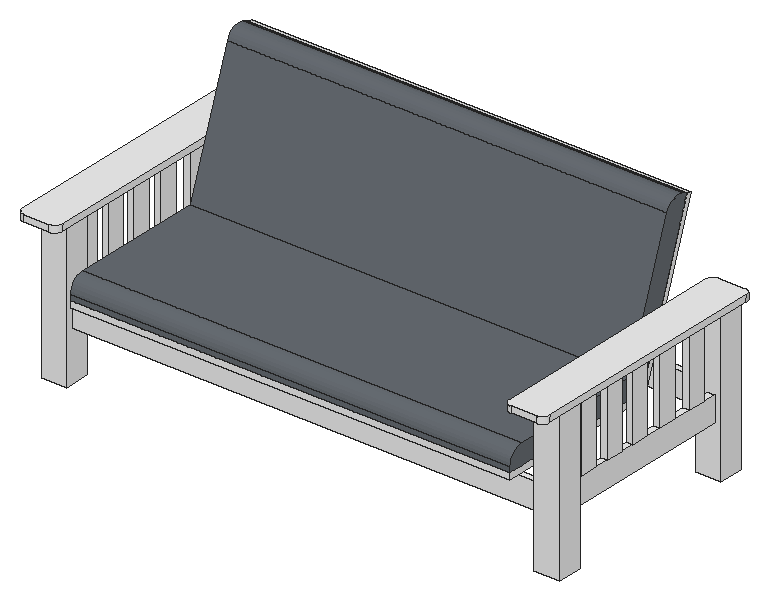
Revit family "Charlene_Sleeper_Couch_17259", category Комплекты мебели, Revit 2017
Family settings
  Размер круглого соединителя = Использовать диаметр
  Тип детали = Нормальный
  На основе рабочей плоскости = Нет
  Всегда вертикально = Да
  При загрузке вырезать с полостями = Нет
  Общий = Нет
  Точка расчета площади = Нет
Parameters (values of type "Couch")
  Width = 900 mm
  Seat Position = 150 mm
  Fabric = Swade - Ocean Blue Stripes
  Back Angle = 110.00°
  Material = Finishes - Paint - White
  Length = 2050 mm
  Height = 870 mm
Types (3, lengths in mm): name | Seat Position | Back Angle | Length
  Sleeper | 0 | 179.00° | 2050
  Couch | 150 | 110.00° | 2050
  Chair | 150 | 110.00° | 1000
Reference planes
  plane 1 "Center (Front/Back)": y = 0
  plane 2: z = 0
  plane 3 "Center (Left/Right)": x = 0
  plane 4: x = -1025
  plane 5: x = 1025
  plane 6: y = 450
  plane 7: y = -450
  plane 8: x = -925
  plane 9: x = 925
  plane 10: y = 350
  plane 11: y = -350
  plane 12: z = 870
  plane 13: z = 600
  plane 14 "Seat": z = 350
  plane 15 "Skirt": z = 200
  plane 16 "Supp LH": x = -975
  plane 17 "Supp Frt": y = -400
  plane 18 "Supp RR": y = 400
  plane 19: y = 150
  plane 20 "Seat Level": z = 350
  plane 21: x = -870.271
  plane 22: x = 870.271
  plane 23: x = 975
Forms (mm)
  Extrusion 1, solid, material "Finishes - Paint - White" <- "Material"
    sketch origin (0, 0, 0) x (1, 0, 0) y (0, 1, 0)
      loop
        line (-1025, 450) -> (-1025, 350) -> (-925, 350) -> (-925, 450) -> (-1025, 450)
      loop
        line (-1025, -350) -> (-1025, -450) -> (-925, -450) -> (-925, -350) -> (-1025, -350)
      loop
        line (925, 450) -> (925, 350) -> (1025, 350) -> (1025, 450) -> (925, 450)
      loop
        line (925, -350) -> (925, -450) -> (1025, -450) -> (1025, -350) -> (925, -350)
    from 0 to 600
  Extrusion 2, solid, material "Finishes - Paint - White" <- "Material"
    sketch origin (0, 626.256, 600) x (0, 1, 0) y (-1, 0, 0)
      loop
        arc (-146.256, 1015) -> (-155.043, 1036.213) -> (-176.256, 1045) r 30
        line (-176.256, 1045) -> (-1146.256, 1045)
        arc (-1146.256, 1045) -> (-1167.47, 1036.213) -> (-1176.256, 1015) r 30
        line (-1176.256, 1015) -> (-1176.256, 915)
        arc (-1176.256, 915) -> (-1167.47, 893.787) -> (-1146.256, 885) r 30
        line (-1146.256, 885) -> (-176.256, 885)
        arc (-176.256, 885) -> (-155.043, 893.787) -> (-146.256, 915) r 30
        line (-146.256, 915) -> (-146.256, 1015)
      loop
        line (-146.256, -1015) -> (-146.256, -915)
        arc (-146.256, -915) -> (-155.043, -893.787) -> (-176.256, -885) r 30
        line (-176.256, -885) -> (-1146.256, -885)
        arc (-1146.256, -885) -> (-1167.47, -893.787) -> (-1176.256, -915) r 30
        line (-1176.256, -915) -> (-1176.256, -1015)
        arc (-1176.256, -1015) -> (-1167.47, -1036.213) -> (-1146.256, -1045) r 30
        line (-1146.256, -1045) -> (-176.256, -1045)
        arc (-176.256, -1045) -> (-155.043, -1036.213) -> (-146.256, -1015) r 30
    from 0 to 25
  Extrusion 3, solid, material "Finishes - Paint - White" <- "Material"
    sketch origin (0, 0, 200) x (0, 1, 0) y (-1, 0, 0)
      loop
        line (350, 975) -> (350, 1000) -> (-350, 1000) -> (-350, 975) -> (350, 975)
      loop
        line (400, 925) -> (400, -925) -> (425, -925) -> (425, 925) -> (400, 925)
      loop
        line (-400, 925) -> (-425, 925) -> (-425, -925) -> (-400, -925) -> (-400, 925)
      loop
        line (350, -975) -> (-350, -975) -> (-350, -1000) -> (350, -1000) -> (350, -975)
    from 0 to 100
  Extrusion 4, solid, material "Finishes - Paint - White" <- "Material"
    sketch origin (0, 150, 350) x (0, 0.34202, 0.939693) y (0, -0.939693, 0.34202)
      loop
        line (0, 0) -> (0, -25) -> (650, -25) -> (650, 0) -> (0, 0)
    from -870.271 to 870.271
  Extrusion 5, solid, material "Finishes - Paint - White" <- "Material"
    sketch origin (0, 150, 350) x (0, -1, 0) y (0, 0, -1)
      loop
        line (0, 0) -> (650, 0) -> (650, 25) -> (0, 25) -> (0, 0)
    from -870.271 to 870.271
  Extrusion 6, solid, material "Finishes - Paint - White" <- "Material"
    sketch origin (-475, 350, 200) x (0, -1, 0) y (0, 0, 1)
      loop
        line (657.689, 100) -> (657.689, 400) -> (586.876, 400) -> (586.876, 100) -> (657.689, 100)
    from 500 to 525
  Extrusion 7, solid, material "Finishes - Paint - White" <- "Material"
    sketch origin (-475, 477.689, 200) x (0, -1, 0) y (0, 0, 1)
      loop
        line (657.689, 100) -> (657.689, 400) -> (586.876, 400) -> (586.876, 100) -> (657.689, 100)
    from 500 to 525
  Extrusion 8, solid, material "Finishes - Paint - White" <- "Material"
    sketch origin (-1000, 602.689, 200) x (0, -1, 0) y (0, 0, 1)
      loop
        line (657.689, 100) -> (657.689, 400) -> (586.876, 400) -> (586.876, 100) -> (657.689, 100)
    from -25 to 0
  Extrusion 9, solid, material "Finishes - Paint - White" <- "Material"
    sketch origin (-475, 737.689, 200) x (0, -1, 0) y (0, 0, 1)
      loop
        line (657.689, 100) -> (657.689, 400) -> (586.876, 400) -> (586.876, 100) -> (657.689, 100)
    from 500 to 525
  Extrusion 10, solid, material "Finishes - Paint - White" <- "Material"
    sketch origin (-475, 882.689, 200) x (0, -1, 0) y (0, 0, 1)
      loop
        line (657.689, 100) -> (657.689, 400) -> (586.876, 400) -> (586.876, 100) -> (657.689, 100)
    from 500 to 525
  Extrusion 11, solid, material "Finishes - Paint - White" <- "Material"
    sketch origin (1000, 350, 200) x (0, -1, 0) y (0, 0, -1)
      loop
        line (657.689, -100) -> (586.876, -100) -> (586.876, -400) -> (657.689, -400) -> (657.689, -100)
    from -25 to 0
  Extrusion 12, solid, material "Finishes - Paint - White" <- "Material"
    sketch origin (1000, 477.689, 200) x (0, -1, 0) y (0, 0, -1)
      loop
        line (657.689, -100) -> (586.876, -100) -> (586.876, -400) -> (657.689, -400) -> (657.689, -100)
    from -25 to 0
  Extrusion 13, solid, material "Finishes - Paint - White" <- "Material"
    sketch origin (1000, 602.689, 200) x (0, -1, 0) y (0, 0, -1)
      loop
        line (657.689, -100) -> (586.876, -100) -> (586.876, -400) -> (657.689, -400) -> (657.689, -100)
    from -25 to 0
  Extrusion 14, solid, material "Finishes - Paint - White" <- "Material"
    sketch origin (1000, 737.689, 200) x (0, -1, 0) y (0, 0, -1)
      loop
        line (657.689, -100) -> (586.876, -100) -> (586.876, -400) -> (657.689, -400) -> (657.689, -100)
    from -25 to 0
  Extrusion 15, solid, material "Finishes - Paint - White" <- "Material"
    sketch origin (1000, 882.689, 200) x (0, -1, 0) y (0, 0, -1)
      loop
        line (657.689, -100) -> (586.876, -100) -> (586.876, -400) -> (657.689, -400) -> (657.689, -100)
    from -25 to 0
  Extrusion 16, solid, material "Swade - Ocean Blue Stripes" <- "Fabric"
    sketch origin (0, 150, 350) x (0, -1, 0) y (0, 0, -1)
      loop
        line (650, 0) -> (0, 0) -> (0, -80) -> (590, -80)
        arc (590, -80) -> (632.426, -62.426) -> (650, -20) r 60
        line (650, -20) -> (650, 0)
    from -870.271 to 870.271
  Extrusion 17, solid, material "Swade - Ocean Blue Stripes" <- "Fabric"
    sketch origin (0, 150, 350) x (0, 0.34202, 0.939693) y (0, -0.939693, 0.34202)
      loop
        line (650, 0) -> (650, 20)
        arc (650, 20) -> (632.426, 62.426) -> (590, 80) r 60
        line (590, 80) -> (0, 80) -> (0, 0) -> (650, 0)
    from -870.271 to 870.271
Lines and regions (mm)
  reference lines
    curve 1: line (0, 150, 350) -> (0, 348.372, 895.022)
    curve 2: line (0, 150, 350) -> (0, -430, 350)
  symbolic lines
    curve 3: line (-870.271, 74.825, 0) -> (870.271, 74.825, 0)
Dimensions and locks
  "Length": plane 4 to plane 5
  equal spacing: plane 4, plane 3 "Center (Left/Right)", plane 5
  "Width": plane 6 to plane 7
  equal spacing: plane 6, plane 1 "Center (Front/Back)", plane 7
  locked: plane 4 to plane 8 at 100
  locked: plane 9 to plane 5 at 100
  locked: plane 6 to plane 10 at 100
  locked: plane 11 to plane 7 at 100
  "Height": plane 12 to level
  locked: plane 6 to Extrusion 2 sketch curve at 30
  locked: plane 7 to Extrusion 2 sketch curve at 100
  locked: Extrusion 2 sketch curve to plane 4 at 20
  locked: plane 8 to Extrusion 2 sketch curve at 40
  equal spacing: plane 6, plane 18 "Supp RR", plane 10
  equal spacing: plane 11, plane 17 "Supp Frt", plane 7
  equal spacing: plane 4, plane 16 "Supp LH", plane 8
  locked: Extrusion 3 sketch curve to plane 18 "Supp RR" at 25
  locked: Extrusion 3 sketch curve to plane 16 "Supp LH" at 25
  "Seat Position": plane 19 to plane 1 "Center (Front/Back)"
  locked: plane 20 "Seat Level" to plane 15 "Skirt" at 150
  locked: plane 2 to plane 15 "Skirt" at 200
  locked: plane 22 to plane 5 at 154.729
  locked: plane 4 to plane 21 at 154.729
  plane 20 "Seat Level" to Extrusion 5 sketch curve = 25 mm
  equal spacing: plane 9, plane 23, plane 5
  locked: plane 23 to Extrusion 3 sketch curve at 25
  Extrusion 10 to Extrusion 10 to Extrusion 9 to Extrusion 9 to Extrusion 8 to Extrusion 8 to Extrusion 7 to Extrusion 7 to Extrusion 6 to Extrusion 6 to plane 11 = 70.813 mm locked, 74.187 mm locked, 70.813 mm locked, 64.187 mm locked, 70.813 mm locked, 54.187 mm locked, 70.813 mm locked, 56.876 mm locked, 70.813 mm locked, 42.311 mm locked
  plane 11 to Extrusion 11 to Extrusion 11 to Extrusion 12 to Extrusion 12 to Extrusion 13 to Extrusion 13 to Extrusion 14 to Extrusion 14 to Extrusion 15 to Extrusion 15 = 42.311 mm locked, 70.813 mm locked, 56.876 mm locked, 70.813 mm locked, 54.187 mm locked, 70.813 mm locked, 64.187 mm locked, 70.813 mm locked, 74.187 mm locked, 70.813 mm locked
  locked: Extrusion 17 sketch curve to curve 1 at 80
  locked: Extrusion 16 sketch curve to Extrusion 16 sketch curve at 80
  locked: Extrusion 4 sketch curve to Extrusion 4 sketch curve at 650
  aligned and locked: level to plane 2
  aligned and locked: Extrusion 1 sketch curve to plane 6  (x2)
  aligned and locked: plane 4 to Extrusion 1 sketch curve  (x2)
  aligned and locked: plane 10 to Extrusion 1 sketch curve  (x2)
  aligned and locked: Extrusion 1 sketch curve to plane 8  (x2)
  aligned and locked: Extrusion 1 sketch curve to plane 11  (x2)
  aligned and locked: plane 7 to Extrusion 1 sketch curve  (x2)
  aligned and locked: plane 9 to Extrusion 1 sketch curve  (x2)
  aligned and locked: Extrusion 1 sketch curve to plane 5  (x2)
  aligned and locked: plane 13 to Extrusion 1
  aligned and locked: plane 10 to Extrusion 3 sketch curve
  aligned and locked: Extrusion 3 sketch curve to plane 16 "Supp LH"
  aligned and locked: Extrusion 3 sketch curve to plane 11
  aligned and locked: Extrusion 3 sketch curve to plane 18 "Supp RR"
  aligned and locked: Extrusion 3 sketch curve to plane 8
  aligned and locked: plane 9 to Extrusion 3 sketch curve
  aligned and locked: plane 19 to curve 1
  aligned and locked: Extrusion 4 sketch curve to curve 1
  aligned and locked: Extrusion 4 to plane 22
  aligned and locked: Extrusion 4 to plane 21
  aligned and locked: Extrusion 5 to Extrusion 4
  aligned and locked: Extrusion 4 to Extrusion 5
  aligned and locked: plane 23 to Extrusion 3 sketch curve
  aligned and locked: Extrusion 6 sketch curve to plane 13
  aligned and locked: Extrusion 7 to Extrusion 6
  aligned and locked: Extrusion 6 to Extrusion 7
  aligned and locked: Extrusion 7 to Extrusion 8
  aligned and locked: Extrusion 8 to Extrusion 7
  aligned and locked: Extrusion 8 to Extrusion 9
  aligned and locked: Extrusion 9 to Extrusion 8
  aligned and locked: Extrusion 9 to Extrusion 10
  aligned and locked: Extrusion 10 to Extrusion 9
  aligned and locked: Extrusion 3 to Extrusion 10  (x2)
  aligned and locked: Extrusion 3 to Extrusion 6
  aligned and locked: plane 16 "Supp LH" to Extrusion 3
  aligned and locked: Extrusion 3 to Extrusion 9
  aligned and locked: Extrusion 3 to Extrusion 8
  aligned and locked: Extrusion 3 to Extrusion 7
  aligned and locked: Extrusion 6 to Extrusion 3
  aligned and locked: Extrusion 10 to Extrusion 3
  aligned and locked: Extrusion 9 to Extrusion 3
  aligned and locked: Extrusion 8 to Extrusion 3
  aligned and locked: Extrusion 7 to Extrusion 3
  aligned and locked: Extrusion 12 to Extrusion 11
  aligned and locked: Extrusion 11 to Extrusion 12
  aligned and locked: Extrusion 12 to Extrusion 13
  aligned and locked: Extrusion 13 to Extrusion 12
  aligned and locked: Extrusion 13 to Extrusion 14
  aligned and locked: Extrusion 14 to Extrusion 13
  aligned and locked: Extrusion 14 to Extrusion 15
  aligned and locked: Extrusion 15 to Extrusion 14
  aligned and locked: Extrusion 3 to Extrusion 15  (x2)
  aligned and locked: Extrusion 16 sketch curve to curve 2
  aligned and locked: Extrusion 16 to Extrusion 5
  aligned and locked: Extrusion 5 to Extrusion 16
  aligned and locked: Extrusion 4 to Extrusion 17 sketch curve
  aligned and locked: Extrusion 17 to Extrusion 4
  aligned and locked: Extrusion 4 to Extrusion 17
  aligned and locked: Extrusion 16 sketch curve to plane 19
  aligned and locked: Extrusion 5 sketch curve to Extrusion 16
  aligned and locked: curve 3 to Extrusion 17
Automatic sketch dimensions
  Extrusion 2 sketch curve to plane 6 = 0 mm  (x4)
  Extrusion 2 sketch curve to plane 9 = 10 mm
  Extrusion 2 sketch curve to plane 7 = 100 mm
  plane 4 to Extrusion 2 sketch curve = 10 mm
  Extrusion 2 sketch curve to plane 22 = 14.729 mm
  plane 8 to Extrusion 2 sketch curve = 10 mm
  Extrusion 2 sketch curve to plane 5 = 10 mm  (x2)
  Extrusion 2 sketch curve to Extrusion 2 sketch curve = 30 mm
  Extrusion 3 sketch curve to plane 8 = 0 mm
  Extrusion 3 sketch curve to plane 9 = 0 mm
  Extrusion 3 sketch curve to plane 17 "Supp Frt" = 0 mm
  Extrusion 3 sketch curve to plane 11 = 0 mm
  Extrusion 3 sketch curve to plane 10 = 0 mm
  Extrusion 3 sketch curve to Extrusion 3 sketch curve = 25 mm
  curve 1 to Extrusion 4 sketch curve = 0 mm
  Extrusion 4 sketch curve to curve 1 = 25 mm
  Extrusion 5 sketch curve to curve 2 = 0 mm  (x2)
  Extrusion 7 sketch curve to Extrusion 7 sketch curve = 70.813 mm
  Extrusion 7 sketch curve to Extrusion 7 sketch curve = 300 mm
  Extrusion 8 sketch curve to plane 13 = 0 mm
  Extrusion 8 sketch curve to plane 1 "Center (Front/Back)" = 15.813 mm
  plane 1 "Center (Front/Back)" to Extrusion 8 sketch curve = 55 mm
  plane 14 "Seat" to Extrusion 8 sketch curve = 50 mm
  Extrusion 9 sketch curve to Extrusion 9 sketch curve = 70.813 mm
  Extrusion 9 sketch curve to Extrusion 9 sketch curve = 300 mm
  Extrusion 10 sketch curve to Extrusion 10 sketch curve = 70.813 mm
  Extrusion 10 sketch curve to Extrusion 10 sketch curve = 300 mm
  Extrusion 11 sketch curve to plane 13 = 0 mm
  plane 14 "Seat" to Extrusion 11 sketch curve = 50 mm
  plane 11 to Extrusion 11 sketch curve = 113.124 mm
  plane 11 to Extrusion 11 sketch curve = 42.311 mm
  Extrusion 12 sketch curve to plane 13 = 0 mm
  plane 14 "Seat" to Extrusion 12 sketch curve = 50 mm
  plane 1 "Center (Front/Back)" to Extrusion 12 sketch curve = 109.187 mm
  Extrusion 12 sketch curve to Extrusion 12 sketch curve = 70.813 mm
  Extrusion 13 sketch curve to plane 13 = 0 mm
  Extrusion 13 sketch curve to plane 1 "Center (Front/Back)" = 15.813 mm
  plane 1 "Center (Front/Back)" to Extrusion 13 sketch curve = 55 mm
  plane 14 "Seat" to Extrusion 13 sketch curve = 50 mm
  Extrusion 14 sketch curve to plane 13 = 0 mm
  plane 19 to Extrusion 14 sketch curve = 0.813 mm
  Extrusion 14 sketch curve to plane 19 = 70 mm
  plane 14 "Seat" to Extrusion 14 sketch curve = 50 mm
  Extrusion 15 sketch curve to plane 13 = 0 mm
  Extrusion 15 sketch curve to plane 10 = 54.187 mm
  Extrusion 15 sketch curve to Extrusion 15 sketch curve = 70.813 mm
  plane 14 "Seat" to Extrusion 15 sketch curve = 50 mm
  plane 14 "Seat" to Extrusion 6 sketch curve = 50 mm
  plane 11 to Extrusion 6 sketch curve = 113.124 mm
  plane 11 to Extrusion 6 sketch curve = 42.311 mm
  Extrusion 7 sketch curve to plane 13 = 0 mm
  plane 1 "Center (Front/Back)" to Extrusion 7 sketch curve = 109.187 mm
  Extrusion 9 sketch curve to plane 13 = 0 mm
  plane 19 to Extrusion 9 sketch curve = 0.813 mm
  Extrusion 10 sketch curve to plane 13 = 0 mm
  Extrusion 10 sketch curve to plane 10 = 54.187 mm
  Extrusion 16 sketch curve to curve 2 = 20 mm
  Extrusion 17 sketch curve to curve 1 = 0 mm
  Extrusion 17 sketch curve to curve 1 = 20 mm
  curve 1 to Extrusion 17 sketch curve = 70 mm
  curve 2 to Extrusion 16 sketch curve = 10 mm
  curve 2 to plane 14 "Seat" = 0 mm
  curve 3 to plane 21 = 0 mm
  curve 3 to plane 22 = 0 mm
  curve 1 to plane 10 = 1.628 mm
  plane 12 to curve 1 = 25.022 mm
  plane 7 to curve 2 = 20 mm
